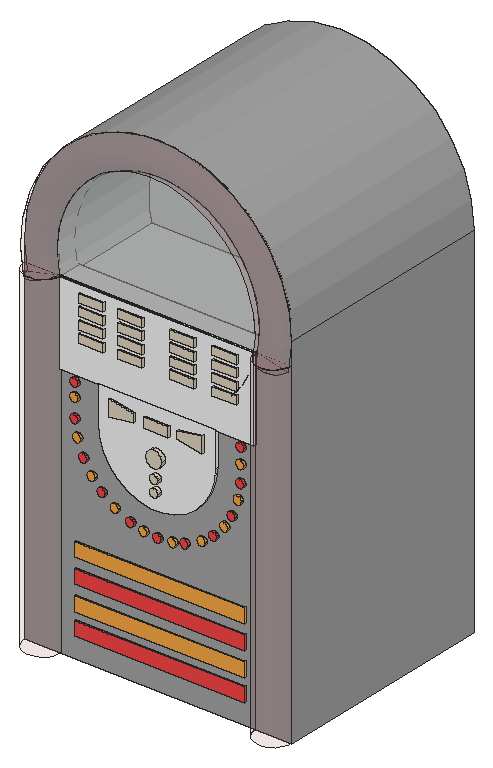
Revit family
Reference planes (in)
  plane 1 "Center (Front/Back)": y = 0
  plane 2: z = 0
  plane 3 "Center (Left/Right)": x = 0
Forms (in)
  Extrusion 1, solid, material "Body"
    sketch origin (0, 0, 0) x (1, 0, 0) y (0, 0, 1)
      loop
        line (-16.5, 0) -> (16.5, 0) -> (16.5, 44.5)
        arc (16.5, 44.5) -> (0, 61) -> (-16.5, 44.5) r 16.5
        line (-16.5, 44.5) -> (-16.5, 0)
    from 14 to -14
  Extrusion 2, void
    sketch origin (0, 0, 0) x (1, 0, 0) y (0, 0, 1)
      loop
        line (-7.33194, 34.37613) -> (7.33194, 34.37613)
        arc (7.33194, 34.37613) -> (0, 57) -> (-7.33194, 34.37613) r 12.5
    from 0 to 14
  Extrusion 3, solid, material "Glass"
    sketch origin (0, -14, 0) x (1, 0, 0) y (0, 0, 1)
      loop
        line (-12.20368, 41.79444) -> (12.20368, 41.79444)
        arc (12.20368, 41.79444) -> (0, 57) -> (-12.20368, 41.79444) r 12.5
    from 0 to -2.73438
  Extrusion 4, solid, material "Body"
    sketch origin (0, -14, 0) x (1, 0, 0) y (0, 0, 1)
      loop
        arc (-12.20368, 41.79444) -> (-10.44835, 37.63836) -> (-7.33194, 34.37613) r 12.5
        line (-7.33194, 34.37613) -> (7.33194, 34.37613)
        arc (7.33194, 34.37613) -> (10.44835, 37.63836) -> (12.20368, 41.79444) r 12.5
        line (12.20368, 41.79444) -> (-12.20368, 41.79444)
    from 0 to -2.73438
  Extrusion 5, solid, material "Default"
    sketch origin (-12.33896, 0, 34.37613) x (1, 0, 0) y (0, 1, 0)
      loop
        line (0.00703, 0) -> (0.00703, -12.86394) -> (5.00703, -12.86394) -> (25.00703, -12.86394) -> (25.00703, 0) -> (0.00703, 0)
    from 0 to 7.1485
  Extrusion 6, solid, material "Glass Deco"
    sketch origin (0, 0, 0) x (1, 0, 0) y (0, 1, 0)
      loop
        arc (-16.5, -14) -> (-14.25, -16.25) -> (-12, -14) r 2.25
        line (-12, -14) -> (-16.5, -14)
      loop
        arc (12, -14) -> (14.25, -16.25) -> (16.5, -14) r 2.25
        line (16.5, -14) -> (12, -14)
    from 0 to 41.79444
  Sweep 7, solid, material "Glass Deco"
    path in 3D
      loop
        arc (-12.20368, -14, 41.79444) -> (0, -14, 57) -> (12.20368, -14, 41.79444) r 12.5
    profile origin (0, -14, 57) x (0, 0, 1) y (0, -1, 0)
      loop
        arc (4, 0) -> (2, 2) -> (0, 0) r 2
        line (0, 0) -> (4, 0)
  Extrusion 8, solid, material "Panel"
    sketch origin (0, -14, 0) x (1, 0, 0) y (0, 0, 1)
      loop
        line (-12, 41.79444) -> (-12, 31.57182) -> (12, 31.57182) -> (12, 41.79444) -> (-12, 41.79444)
    from 0 to 0.25
  Extrusion 9, solid, material "Buttons"
    sketch origin (0, -14.25, 0) x (1, 0, 0) y (0, 0, 1)
      loop
        line (-9.51248, 40.91588) -> (-9.51248, 39.91588) -> (-6.51248, 39.91588) -> (-6.51248, 40.91588) -> (-9.51248, 40.91588)
      loop
        line (-9.51248, 39.41731) -> (-9.51248, 38.41731) -> (-6.51248, 38.41731) -> (-6.51248, 39.41731) -> (-9.51248, 39.41731)
      loop
        line (-9.51248, 37.92022) -> (-9.51248, 36.92022) -> (-6.51248, 36.92022) -> (-6.51248, 37.92022) -> (-9.51248, 37.92022)
      loop
        line (-9.51248, 36.42542) -> (-9.51248, 35.42542) -> (-6.51248, 35.42542) -> (-6.51248, 36.42542) -> (-9.51248, 36.42542)
      loop
        line (-4.63006, 40.91588) -> (-4.63006, 39.91588) -> (-1.63006, 39.91588) -> (-1.63006, 40.91588) -> (-4.63006, 40.91588)
      loop
        line (-4.63006, 39.41731) -> (-4.63006, 38.41731) -> (-1.63006, 38.41731) -> (-1.63006, 39.41731) -> (-4.63006, 39.41731)
      loop
        line (-4.63006, 37.92022) -> (-4.63006, 36.92022) -> (-1.63006, 36.92022) -> (-1.63006, 37.92022) -> (-4.63006, 37.92022)
      loop
        line (-4.63006, 36.42542) -> (-4.63006, 35.42542) -> (-1.63006, 35.42542) -> (-1.63006, 36.42542) -> (-4.63006, 36.42542)
      loop
        line (1.7399, 40.91588) -> (1.7399, 39.91588) -> (4.7399, 39.91588) -> (4.7399, 40.91588) -> (1.7399, 40.91588)
      loop
        line (1.7399, 39.41731) -> (1.7399, 38.41731) -> (4.7399, 38.41731) -> (4.7399, 39.41731) -> (1.7399, 39.41731)
      loop
        line (1.7399, 37.92022) -> (1.7399, 36.92022) -> (4.7399, 36.92022) -> (4.7399, 37.92022) -> (1.7399, 37.92022)
      loop
        line (1.7399, 36.42542) -> (1.7399, 35.42542) -> (4.7399, 35.42542) -> (4.7399, 36.42542) -> (1.7399, 36.42542)
      loop
        line (6.9899, 40.91588) -> (6.9899, 39.91588) -> (9.9899, 39.91588) -> (9.9899, 40.91588) -> (6.9899, 40.91588)
      loop
        line (6.9899, 39.41731) -> (6.9899, 38.41731) -> (9.9899, 38.41731) -> (9.9899, 39.41731) -> (6.9899, 39.41731)
      loop
        line (6.9899, 37.92022) -> (6.9899, 36.92022) -> (9.9899, 36.92022) -> (9.9899, 37.92022) -> (6.9899, 37.92022)
      loop
        line (6.9899, 36.42542) -> (6.9899, 35.42542) -> (9.9899, 35.42542) -> (9.9899, 36.42542) -> (6.9899, 36.42542)
    from 0 to 0.25
  Extrusion 10, solid, material "Panel"
    sketch origin (0, -14, 0) x (1, 0, 0) y (0, 0, 1)
      loop
        line (-7.25, 31.57182) -> (-7.25, 27.32182)
        arc (-7.25, 27.32182) -> (0, 20.07182) -> (7.25, 27.32182) r 7.25
        line (7.25, 27.32182) -> (7.25, 31.57182) -> (-7.25, 31.57182)
    from 0 to 0.25
  Extrusion 11, solid, material "Buttons"
    sketch origin (0, -14.25, 0) x (1, 0, 0) y (0, 0, 1)
      loop
        circle (0, 26.01964) r 1
      loop
        circle (0, 23.80221) r 0.5
      loop
        circle (0, 22.29752) r 0.5
    from 0 to 0.5
  Extrusion 12, solid, material "Buttons"
    sketch origin (0, -14.25, 0) x (1, 0, 0) y (0, 0, 1)
      loop
        line (-5.75998, 30.5978) -> (-5.75998, 28.5978) -> (-2.68536, 29.05731) -> (-2.68536, 30.05731) -> (-5.75998, 30.5978)
      loop
        line (5.75998, 30.51681) -> (2.68536, 30.05731) -> (2.68536, 29.13829) -> (5.75998, 28.5978) -> (5.75998, 30.51681)
      loop
        line (-1.42855, 30.10967) -> (-1.42855, 28.85967) -> (1.57145, 28.85967) -> (1.57145, 30.10967) -> (-1.42855, 30.10967)
    from 0 to 0.25
  Extrusion 13, solid, material "Lights"
    sketch origin (0, -14, 0) x (1, 0, 0) y (0, 0, 1)
      loop
        circle (-10.25, 30.75921) r 0.5
      loop
        circle (-10.23087, 26.69586) r 0.5
      loop
        circle (-9.16875, 22.73962) r 0.5
      loop
        circle (-6.88756, 19.73077) r 0.5
      loop
        circle (-3.36318, 17.63928) r 0.5
      loop
        circle (0, 17.07182) r 0.5
      loop
        circle (10.25, 30.75921) r 0.5
      loop
        circle (10.23087, 26.69586) r 0.5
      loop
        circle (9.16875, 22.73962) r 0.5
      loop
        circle (6.88756, 19.73077) r 0.5
      loop
        circle (3.36318, 17.63928) r 0.5
    from 0 to 0.25
  Extrusion 14, solid, material "Lights 2"
    sketch origin (0, -14, 0) x (1, 0, 0) y (0, 0, 1)
      loop
        circle (-10.25, 29.07308) r 0.5
      loop
        circle (-9.91521, 24.72353) r 0.5
      loop
        circle (-8.1211, 21.068) r 0.5
      loop
        circle (-5.27185, 18.53148) r 0.5
      loop
        circle (-1.72928, 17.21875) r 0.5
      loop
        circle (1.85938, 17.24188) r 0.5
      loop
        circle (5.46501, 18.65025) r 0.5
      loop
        circle (8.24756, 21.23575) r 0.5
      loop
        circle (9.93388, 24.79583) r 0.5
      loop
        circle (10.25, 28.83263) r 0.5
    from 0 to 0.25
  Extrusion 15, solid, material "Lights 2"
    sketch origin (0, -14, 0) x (1, 0, 0) y (0, 0, 1)
      loop
        line (-10.2124, 13.14926) -> (-10.2124, 11.39926) -> (10.7876, 11.39926) -> (10.7876, 13.14926) -> (-10.2124, 13.14926)
      loop
        line (-10.2124, 7.14926) -> (-10.2124, 5.39926) -> (10.7876, 5.39926) -> (10.7876, 7.14926) -> (-10.2124, 7.14926)
    from 0 to 0.25
  Extrusion 16, solid, material "Lights"
    sketch origin (0, -14, 0) x (1, 0, 0) y (0, 0, 1)
      loop
        line (-10.2124, 10.16261) -> (-10.2124, 8.41261) -> (10.7876, 8.41261) -> (10.7876, 10.16261) -> (-10.2124, 10.16261)
      loop
        line (-10.2124, 4.41261) -> (-10.2124, 2.66261) -> (10.7876, 2.66261) -> (10.7876, 4.41261) -> (-10.2124, 4.41261)
    from 0 to 0.25
Cuts and joins
  Extrusion 2 cuts Extrusion 1
Lines and regions (in)
  sketch lines
    curve 1: arc (-12.20368, -14, 41.79444) -> (0, -14, 57) -> (12.20368, -14, 41.79444) r 12.5
Dimensions and locks (in)
  aligned and locked: Extrusion 5 sketch curve to cut or joined group of Extrusion 1, Extrusion 2
